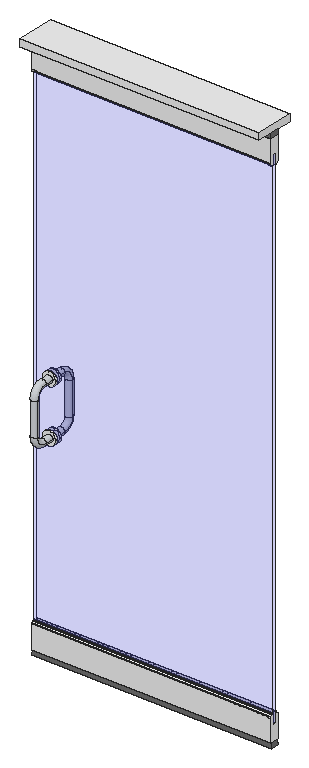
Revit family "Moderco_Vision_121_122_Pivot_Door_with_Architectural_Pull", category Doors, Revit 2026
Family settings
  Classification Number = 23.30.10.00
  Always vertical = Yes
  Cut with Voids When Loaded = No
  Shared = No
  Room Calculation Point = No
Parameters
  Thickness = 0' - 1 3/8"
  Specification = "https://www.arcat.com/company/moderco-inc-34266/spec"
  SpecWizard = ""
  Sales Information = "https://www.moderco.com/contact/"
  Product Data = "https://www.moderco.com/products/movable-glass-walls/vision-100/"
  Manufacturer Website = "https://www.moderco.com/"
  Manufacturer Phone - Toll Free = "800-363-3150"
  Manufacturer Phone = "450-641-3150"
  Manufacturer Fax = "450-641-4965"
  Manufacturer Email = "https://www.moderco.com/contact/"
  Manufacturer Address = "115 de Lauzon Boucherville, QC, Canada J4B 1E7"
  Installation-Fabrication = ""
  Green Building-LEED = ""
  Function = Interior
  Door Width [instance] = 3' - 0"
  Construction Details = "https://www.arcat.com/company/moderco-inc-34266/cad"
  Analytic Construction = "<None>"
Reference planes (in)
  plane 1 "Center (Front/Back": y = 0
  plane 2: z = 0
  plane 3 "Center (Left/Right)": x = 3.24894
  plane 4 "Left": x = -14.75106
  plane 5 "Right": x = 21.24894
  plane 6 "Top": z = 84
  plane 7: z = 40
  plane 8: z = 42
  plane 9: z = 34
Forms (in)
  Sweep 1, solid, material "Aluminum"
    path origin (0, 0, 0) x (1, 0, 0) y (0, 1, 0)
      loop
        line (-14.75106, 0) -> (21.24894, 0)
    profile "Profile_Bottom : Profile_Bottom" origin (3.24894, 0, 0) x (0, 1, 0) y (0, 0, 1)
      loop
        line (0.68213, 0.73653) -> (0.68213, 4.15446)
        arc (0.68213, 4.15446) -> (0.66735, 4.21344) -> (0.62648, 4.25846) r 0.125
        line (0.62648, 4.25846) -> (0.37079, 4.42897)
        arc (0.37079, 4.42897) -> (0.31065, 4.48542) -> (0.27216, 4.55837) r 0.25
        arc (0.27216, 4.55837) -> (0.26034, 4.59675) -> (0.25013, 4.63558) r 0.96052
        line (0.25013, 4.63558) -> (0.25013, 3.07458) -> (-0.25013, 3.07464) -> (-0.25013, 4.63558)
        arc (-0.25013, 4.63558) -> (-0.26034, 4.59675) -> (-0.27216, 4.55837) r 0.96052
        arc (-0.27216, 4.55837) -> (-0.31065, 4.48542) -> (-0.37079, 4.42897) r 0.25
        line (-0.37079, 4.42897) -> (-0.62648, 4.25846)
        arc (-0.62648, 4.25846) -> (-0.66735, 4.21344) -> (-0.68213, 4.15446) r 0.125
        line (-0.68213, 4.15446) -> (-0.68213, 0.73653) -> (0.68213, 0.73653)
  Sweep 2, solid, material "Aluminum"
    path origin (0, 0, 0) x (1, 0, 0) y (0, 0, 1)
      loop
        line (-14.75106, 84) -> (21.24894, 84)
    profile "Profile_Top : Profile_Top" origin (3.24894, 0, 84) x (0, 0, 1) y (0, -1, 0)
      loop
        line (-1.73711, 0.68213) -> (-5.14175, 0.68213)
        arc (-5.14175, 0.68213) -> (-5.20073, 0.66735) -> (-5.24575, 0.62648) r 0.125
        line (-5.24575, 0.62648) -> (-5.41626, 0.37079)
        arc (-5.41626, 0.37079) -> (-5.47271, 0.31065) -> (-5.54566, 0.27216) r 0.25
        arc (-5.54566, 0.27216) -> (-5.58403, 0.26034) -> (-5.62287, 0.25013) r 0.96052
        line (-5.62287, 0.25013) -> (-4.06187, 0.25013) -> (-4.06187, -0.25013) -> (-5.62287, -0.25013)
        arc (-5.62287, -0.25013) -> (-5.58403, -0.26034) -> (-5.54566, -0.27216) r 0.96052
        arc (-5.54566, -0.27216) -> (-5.47271, -0.31065) -> (-5.41626, -0.37079) r 0.25
        line (-5.41626, -0.37079) -> (-5.24575, -0.62648)
        arc (-5.24575, -0.62648) -> (-5.20073, -0.66735) -> (-5.14175, -0.68213) r 0.125
        line (-5.14175, -0.68213) -> (-1.73728, -0.68213) -> (-1.73711, 0.68213)
  Extrusion 3, solid, material "Glass"
    sketch origin (-14.75106, 0, 0) x (0, -1, 0) y (0, 0, 1)
      loop
        line (-0.25013, 79.93813) -> (-0.25013, 3.07464) -> (0.25013, 3.07464) -> (0.25013, 79.9382) -> (-0.25013, 79.93813)
    from -36 to 0
  Sweep 4, solid, material "Black Rubber"
    path origin (0, 0, 0) x (1, 0, 0) y (0, 1, 0)
      loop
        line (-14.75106, 0) -> (21.24894, 0)
    profile "Profile_Bottom_Brush : Profile_Bottom_Brush" origin (3.24894, 0, 0) x (0, 1, 0) y (0, 0, 1)
      loop
        line (-0.5545, 0) -> (0.5545, 0) -> (0.53026, 0.73653) -> (-0.53026, 0.73653) -> (-0.5545, 0)
  Sweep 5, solid, material "Aluminum"
    path origin (0, 0, 0) x (1, 0, 0) y (0, 0, 1)
      loop
        line (-14.75106, 84) -> (21.24894, 84)
    profile "Profile_Top_Track : Profile_Top_Track" origin (3.24894, 0, 84) x (0, 0, 1) y (0, -1, 0)
      loop
        line (0, -2.8849) -> (0, 2.8849) -> (-0.98683, 2.8849) -> (-0.98755, -2.8849) -> (0, -2.8849)
  Sweep 6, solid, material "Black Rubber"
    path origin (0, 0, 0) x (1, 0, 0) y (0, 0, 1)
      loop
        line (-14.75106, 84) -> (21.24894, 84)
    profile "Profile_Top_Brush : Profile_Top_Brush" origin (3.24894, 0, 84) x (0, 0, 1) y (0, -1, 0)
      loop
        line (-0.98728, 0.68213) -> (-1.73711, 0.68213) -> (-1.73728, -0.68213) -> (-0.98711, -0.68213) -> (-0.98728, 0.68213)
Lines and regions (in)
  model lines
    curve 1: line (21.24894, 0, 0) -> (-4.2069, 25.45584, 0)
    curve 2: arc (-4.2069, 25.45584, 0) -> (-12.01072, 13.7766, 0) -> (-14.75106, 0, 0) r 36
  symbolic lines, style "DoorsHiddenLines"
    curve 3: line (-14.75106, 0, 84) -> (21.24894, 0, 42)
    curve 4: line (21.24894, 0, 42) -> (-14.75106, 0, 0)
Text (in)
  text "Exterior" at (-65.12119, 31.38743, 0), in view "Ref. Level"
Dimensions and locks (in)
  equal spacing: plane 4 "Left", plane 3 "Center (Left/Right)", plane 5 "Right"  (x2)
  plane 6 "Top" to level = 7' - 0"
  plane 4 "Left" to plane 5 "Right" = 3' - 0"
  equal spacing: plane 6 "Top", plane 8, level
  aligned and locked: level to plane 2
  aligned and locked: Extrusion 3 to Sweep 2
  aligned and locked: plane 4 "Left" to Extrusion 3
  aligned and locked: Extrusion 3 to plane 5 "Right"
  aligned and locked: plane 5 "Right" to curve 1
  aligned and locked: plane 1 "Center (Front/Back" to curve 1
  aligned and locked: plane 4 "Left" to curve 2
  aligned and locked: plane 9 to nested 1
Automatic sketch dimensions
  plane 1 "Center (Front/Back" to Sweep 1 sketch curve = 0' - 0"
  Sweep 1 sketch curve to plane 4 "Left" = 0' - 0"
  Sweep 1 sketch curve to plane 5 "Right" = 0' - 0"
  plane 4 "Left" to Sweep 2 sketch curve = 0' - 0"
  plane 5 "Right" to Sweep 2 sketch curve = 0' - 0"
  Sweep 2 sketch curve to plane 6 "Top" = 0' - 0"
  Extrusion 3 sketch curve to plane 1 "Center (Front/Back" = 0' - 0.25013"
  plane 1 "Center (Front/Back" to Extrusion 3 sketch curve = 0' - 0.25013"
  level to Extrusion 3 sketch curve = 0' - 3.07464"
  plane 6 "Top" to Extrusion 3 sketch curve = 0' - 4.06187"
  Extrusion 3 sketch curve to Extrusion 3 sketch curve = 0' - 0.00006"
  plane 1 "Center (Front/Back" to curve 2 = 0' - 0"
  curve 2 to plane 5 "Right" = 0' - 0"
  curve 2 to plane 3 "Center (Left/Right)" = 0' - 7.45584"
  plane 1 "Center (Front/Back" to Sweep 4 sketch curve = 0' - 0"
  Sweep 4 sketch curve to plane 4 "Left" = 0' - 0"
  Sweep 4 sketch curve to plane 5 "Right" = 0' - 0"
  plane 4 "Left" to Sweep 5 sketch curve = 0' - 0"
  plane 5 "Right" to Sweep 5 sketch curve = 0' - 0"
  Sweep 5 sketch curve to plane 6 "Top" = 0' - 0"
  plane 4 "Left" to Sweep 6 sketch curve = 0' - 0"
  plane 5 "Right" to Sweep 6 sketch curve = 0' - 0"
  Sweep 6 sketch curve to plane 6 "Top" = 0' - 0"
  curve 4 to level = 0' - 0"
  plane 4 "Left" to curve 4 = 0' - 0"
  plane 4 "Left" to curve 3 = 0' - 0"
  plane 5 "Right" to curve 4 = 0' - 0"
  curve 3 to plane 8 = 0' - 0"
  curve 3 to plane 6 "Top" = 0' - 0"
Nested families (in)
  nested 1: "Architectural_Pull" at (-12.25106, 0.25013, 34) x (1, 0, 0) z (0, 1, 0), type "Architectural_Pull"
    with Width 3' - 0"
Definition of nested family "Architectural_Pull"
  Parameters (values of type "Architectural_Pull")
    Width [instance] = 3' - 0"
    Default Elevation = 4' - 0"
  Reference planes (in)
    plane 1 "Center (Front/Back)": y = 0
    plane 2: z = 0
    plane 3 "Center (Left/Right)": x = 0
    plane 4: z = 4
    plane 5: z = -0.5
    plane 6: z = -0.25
  Forms (in)
    Extrusion 1, solid
      sketch origin (0, 4, 0) x (1, 0, 0) y (0, 1, 0)
        loop
          circle (0, 0) r 1
      from 0 to 0.25
    Extrusion 2, solid
      sketch origin (0, -4, 0) x (1, 0, 0) y (0, 1, 0)
        loop
          circle (0, 0) r 1
      from 0 to 0.25
    Sweep 3, solid
      path origin (0, 0, 0) x (0, 1, 0) y (0, 0, 1)
        loop
          line (4, 0.25) -> (4, 1.5)
          arc (4, 1.5) -> (3.56066, 2.56066) -> (2.5, 3) r 1.5
          line (2.5, 3) -> (-2.5, 3)
          arc (-2.5, 3) -> (-3.56066, 2.56066) -> (-4, 1.5) r 1.5
          line (-4, 1.5) -> (-4, 0.25)
      profile origin (0, 4, 0.875) x (0, -1, 0) y (1, 0, 0)
        loop
          circle (0, 0) r 0.5
    Sweep 4, solid
      path origin (0, 0, -0.5) x (0, 1, 0) y (0, 0, -1)
        loop
          line (4, 0.25) -> (4, 1.5)
          arc (4, 1.5) -> (3.56066, 2.56066) -> (2.5, 3) r 1.5
          line (2.5, 3) -> (-2.5, 3)
          arc (-2.5, 3) -> (-3.56066, 2.56066) -> (-4, 1.5) r 1.5
          line (-4, 1.5) -> (-4, 0.25)
      profile origin (0, 4, -1.375) x (1, 0, 0) y (0, 1, 0)
        loop
          circle (0, 0) r 0.5
    Extrusion 5, solid
      sketch origin (0, 4, -0.5) x (0, -1, 0) y (1, 0, 0)
        loop
          circle (0, 0) r 1
      from -0.25 to 0
    Extrusion 6, solid
      sketch origin (0, -4, -0.5) x (0, -1, 0) y (1, 0, 0)
        loop
          circle (0, 0) r 1
      from -0.25 to 0
  Dimensions and locks (in)
    aligned and locked: plane 2 to level
